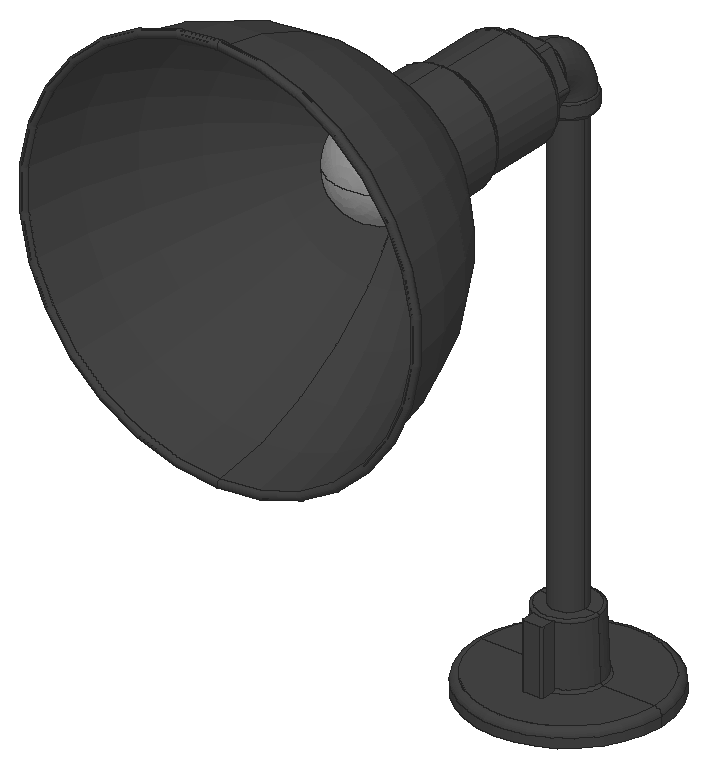
Revit family "BLE-G-DBW-G2-E26", category Lighting Fixtures, host Face, Revit 2022
Family settings
  Host = Face
  Round Connector Dimension = Use Diameter
  Part Type = Normal
  Cut with Voids When Loaded = No
  Light Source = Yes
  Maintain Annotation Orientation = No
  Shared = No
  Room Calculation Point = No
Parameters (values of type "10"")
  Wattage = 5.72229 W
  built-in parameter 1150110 = 1 (stored number, unit not read)
  built-in parameter 1114217 = 1 (stored number, unit not read)
  Tilt Angle = 0.00°
  built-in parameter 1150109 = 1 (stored number, unit not read)
  built-in parameter 1150134 = (empty or 0)
  built-in parameter 1150113 = 1 (stored number, unit not read)
  Gooseneck Material = 100 - Black
  Shade Material = 100 - Black
  Photometric Web File = "generic"
  built-in parameter 1150142 = (empty or 0)
  built-in parameter 1150105 = 67.641 (stored number, unit not read)
  Lumens = 850 lm
  built-in parameter 1150115 = 1 (stored number, unit not read)
  built-in parameter 1150137 = (empty or 0)
  built-in parameter 1150139 = (empty or 0)
  built-in parameter 1150112 = 1 (stored number, unit not read)
  built-in parameter 1150114 = 1 (stored number, unit not read)
  built-in parameter 1150132 = 2
  built-in parameter 1150102 = (empty or 0)
  built-in parameter 1150107 = 3000 (stored number, unit not read)
  built-in parameter 1150138 = (empty or 0)
  built-in parameter 1150106 = 0.67641 (stored number, unit not read)
  24" = no
  built-in parameter 1150104 = 13.8 (stored number, unit not read)
  20" = no
  Dimming Lamp Color Temperature Shift = <None>
  Default Elevation = 4' - 0"
  Color Filter = 16777215
  Base Material = 100 - Black
  built-in parameter 1114218 = 1 (stored number, unit not read)
  built-in parameter 1150133 = 10 (stored number, unit not read)
  16" = no
  14" = no
  12" = no
  10" = yes
Types (7): name | 24" | 20" | 16" | 14" | 12" | 10"
  (no name) | no | no | no | no | no | yes
  12" | no | no | no | no | yes | no
  14" | no | no | no | yes | no | no
  16" | no | no | yes | no | no | no
  10" | no | no | no | no | no | yes
  20" | no | yes | no | no | no | no
  24" | yes | no | no | no | no | no
Reference planes (in)
  plane 1 "Center (Front/Back)": y = 0
  plane 2: z = 0
  plane 3 "Center (Left/Right)": x = 0
Lines and regions (in)
  reference lines
    curve 1: line (0, 32, 0) -> (0, -36, 0)
    curve 2: line (-33.11947, 0, 0) -> (37.88053, 0, 0)
Dimensions and locks (in)
  locked: plane 1 "Center (Front/Back)" to imposter light at 5.75
  aligned and locked: plane 2 to host face
  aligned and locked: level to host face
  aligned and locked: plane 3 "Center (Left/Right)" to nested 1
  aligned and locked: plane 1 "Center (Front/Back)" to nested 1
  aligned and locked: nested 4 to imposter light
  aligned and locked: nested 7 to nested 3
  aligned and locked: imposter light to plane 3 "Center (Left/Right)"
  aligned and locked: plane 1 "Center (Front/Back)" to nested 2
  aligned and locked: imposter light to nested 7
  aligned and locked: nested 3 to nested 5
  aligned and locked: nested 2 to nested 6
  aligned and locked: nested 5 to nested 2
  aligned and locked: imposter light to nested 2
  aligned and locked: nested 6 to plane 3 "Center (Left/Right)"
  aligned and locked: imposter light to nested 3
Nested families (in)
  nested 1: "WBP-7501" at (0, 0, 0), type "WBP-7501"
  nested 2: "G3" at (0, 0, 1.975), type "GNK-5011"
  nested 3: "DBW Shade" at (0, -1.85818, 14.295) x (0, 0, -1) z (0, -1, 0), type "VDBW Shade"
    with 24" no, 20" no, 16" no, 14" no, 12" no
  nested 4: "103264" at (0, -3.60156, 14.295) x (0, 0, -1) z (0, -1, 0), type "103264"
    with Heat Sink 9" no
  nested 5: "CPL-0004" at (0, -1.208, 14.295) x (1, 0, 0) z (0, -1, 0), type "CPL-0004"
  nested 6: "E26 Socket Assy" at (0, -1.85818, 14.295) x (0, 0, -1) z (0, -1, 0), type "E26 Socket Assy"
  nested 7: "E26 Bulb" at (0, -4.11317, 14.295) x (1, 0, 0) z (0, -1, 0), type "E26 Bulb"
Connectors (in)
  electrical at (0, 0, 0)
    settings: index 1, voltage 0 V, apparent load 0 VA, apparent load phase1 0 VA, apparent load phase2 0 VA, apparent load phase3 0 VA, power factor 1, load classification "Other", number of poles 1, system type 31, power factor state 1, is connector primary yes, connector utility no, sub classification motor no, connector description ""
Definition of nested family "WBP-7501"
  Parameters (values of type "WBP-7501")
    Default Elevation = 3' - 0"
    Base Material = none
  Reference planes (in)
    plane 1 "Center (Front/Back)": y = 0
    plane 2: z = 0
    plane 3 "Center (Left/Right)": x = 0
    plane 4 "Base Dia": x = -2.325
    plane 5 "Base Height": z = 0.4
    plane 6 "Fillet Radius": z = 0.225
    plane 7: z = 0.458
    plane 8: x = -0.87
    plane 9: x = -0.81
    plane 10: x = -0.76
    plane 11: z = 1.917
    plane 12: z = 1.975
    plane 13: x = -0.7
    plane 14: x = -0.2595
    plane 15: x = 0.2595
    plane 16: y = -1.135
  Forms (in)
    Extrusion 1, solid
      sketch origin (0, 0, 0) x (1, 0, 0) y (0, 1, 0)
        loop
          line (-48, 48) -> (-48, -48) -> (48, -48) -> (48, 48) -> (-48, 48)
      from 0 to -12
    Revolve 2, solid, material <- "Base Material"
      sketch origin (0, 0, 0) x (1, 0, 0) y (0, 0, 1)
        loop
          line (0, 0) -> (0, 1.975) -> (-0.7, 1.975)
          arc (-0.7, 1.975) -> (-0.74172, 1.95814) -> (-0.76, 1.91702) r 0.06003
          line (-0.76, 1.91702) -> (-0.81, 0.458)
          arc (-0.81, 0.458) -> (-0.82699, 0.41699) -> (-0.868, 0.4) r 0.058
          line (-0.868, 0.4) -> (-2.15, 0.4)
          arc (-2.15, 0.4) -> (-2.27374, 0.34874) -> (-2.325, 0.225) r 0.175
          line (-2.325, 0.225) -> (-2.325, 0) -> (0, 0)
        axis (0, 0) -> (0, 1.975)
      angle from 0 to 360
    Extrusion 3, solid, material <- "Base Material"
      sketch origin (0, 0, 0) x (1, 0, 0) y (0, 1, 0)
        loop
          line (-0.2595, -0.76731) -> (-0.2595, -1.075)
          arc (-0.2595, -1.075) -> (-0.24193, -1.11743) -> (-0.1995, -1.135) r 0.06
          line (-0.1995, -1.135) -> (0.1995, -1.135)
          arc (0.1995, -1.135) -> (0.24193, -1.11743) -> (0.2595, -1.075) r 0.06
          line (0.2595, -1.075) -> (0.2595, -0.76731)
          arc (0.2595, -0.76731) -> (0, -0.81) -> (-0.2595, -0.76731) r 0.81
      from 0 to 1.975
  Cuts and joins
    joined: Revolve 2, Extrusion 3
  Dimensions and locks (in)
    plane 4 "Base Dia" to plane 3 "Center (Left/Right)" = 0' - 2.325"
    locked: plane 5 "Base Height" to Extrusion 1 at 0.4
    locked: plane 3 "Center (Left/Right)" to plane 4 "Base Dia" at 2.325
    locked: plane 5 "Base Height" to plane 6 "Fillet Radius" at 0.175
    locked: plane 3 "Center (Left/Right)" to plane 9 at 0.81
    locked: plane 3 "Center (Left/Right)" to plane 8 at 0.87
    locked: plane 3 "Center (Left/Right)" to plane 10 at 0.76
    locked: plane 3 "Center (Left/Right)" to plane 13 at 0.7
    locked: plane 11 to plane 5 "Base Height" at 1.517
    locked: plane 12 to plane 5 "Base Height" at 1.575
    locked: plane 7 to plane 5 "Base Height" at 0.058
    locked: plane 14 to plane 3 "Center (Left/Right)" at 0.2595
    locked: plane 3 "Center (Left/Right)" to plane 15 at 0.2595
    locked: plane 16 to plane 1 "Center (Front/Back)" at 1.135
    radius of Revolve 2 sketch curve = 0' - 0.175"
    aligned and locked: plane 2 to Extrusion 1
    aligned and locked: level to Extrusion 1
    aligned and locked: Revolve 2 sketch curve to plane 5 "Base Height"
    aligned and locked: plane 9 to Revolve 2 sketch curve
    aligned and locked: plane 3 "Center (Left/Right)" to Revolve 2 sketch curve
    aligned and locked: plane 15 to Extrusion 3 sketch curve
    aligned and locked: Extrusion 3 sketch curve to plane 16
    aligned and locked: Extrusion 3 sketch curve to plane 14
  Automatic sketch dimensions
    Extrusion 1 sketch curve to Extrusion 1 sketch curve = 8' - 0"  (x2)
    Revolve 2 sketch curve to level = 0' - 0"
    Revolve 2 sketch curve to plane 4 "Base Dia" = 0' - 0"
    Revolve 2 sketch curve to plane 7 = 0' - 0"  (x2)
    plane 10 to Revolve 2 sketch curve = 0' - 0"
    Revolve 2 sketch curve to plane 12 = 0' - 0"
    Revolve 2 sketch curve to plane 13 = 0' - 0"
    Revolve 2 sketch curve to plane 3 "Center (Left/Right)" = 0' - 0"
    Revolve 2 sketch curve to Revolve 2 sketch curve = 0' - 0.22742"
    Revolve 2 sketch curve to Revolve 2 sketch curve = 0' - 1.76377"
    plane 1 "Center (Front/Back)" to Extrusion 3 sketch curve = 0' - 0"
    Extrusion 3 sketch curve to plane 3 "Center (Left/Right)" = 0' - 0"
    plane 14 to Extrusion 3 sketch curve = 0' - 0.06"
    Extrusion 3 sketch curve to plane 15 = 0' - 0.06"
    Extrusion 3 sketch curve to Extrusion 3 sketch curve = 0' - 0.30769"
Definition of nested family "G3"
  Parameters (values of type "G3")
    Gooseneck Material = none
    Default Elevation = 2' - 0"
  Types (2): name
    G3
    G1
  Reference planes (in)
    plane 1 "Center (Front/Back)": y = 0
    plane 2: z = 0
    plane 3 "Center (Left/Right)": x = 0
    plane 4 "Wood Height": z = 0
    plane 5: z = 12.32
  Forms (in)
    Extrusion 1, solid
      sketch origin (0, 0, 0) x (1, 0, 0) y (0, 1, 0)
        loop
          line (-48, 48) -> (-48, -48) -> (48, -48) -> (48, 48) -> (-48, 48)
      from 0 to -12
  Dimensions and locks (in)
    aligned and locked: plane 2 to Extrusion 1
    aligned and locked: level to Extrusion 1
    aligned and locked: Extrusion 1 to plane 4 "Wood Height"
    aligned and locked: plane 3 "Center (Left/Right)" to nested 1
    aligned and locked: plane 1 "Center (Front/Back)" to nested 1
    aligned and locked: nested 2 to plane 3 "Center (Left/Right)"
    aligned and locked: nested 2 to plane 1 "Center (Front/Back)"
  Nested families (in)
    nested 1: "GNK-5003" at (0, 0, 0), type "GNK-5003"
    nested 2: "APF-500X" at (0, 0, 11.112) x (-1, 0, 0) z (0, 0, 1), type "APF-500X"
  Definition of nested family "GNK-5003"
    Parameters (values of type "GNK-5003")
      Gooseneck Material = none
      Default Elevation = 2' - 0"
    Reference planes (in)
      plane 1 "Center (Front/Back)": y = 0
      plane 2: z = 0
      plane 3 "Center (Left/Right)": x = 0
      plane 4 "Wood Height": z = 0
      plane 5: y = 0.42
      plane 6: z = 11.112
    Forms (in)
      Extrusion 1, solid
        sketch origin (0, 0, 0) x (1, 0, 0) y (0, 1, 0)
          loop
            line (-48, 48) -> (-48, -48) -> (48, -48) -> (48, 48) -> (-48, 48)
        from 0 to -12
      Extrusion 2, solid, material <- "Gooseneck Material"
        sketch origin (0, 0, 0) x (1, 0, 0) y (0, 1, 0)
          loop
            circle (0, 0) r 0.42
        from 0 to 11.112
    Dimensions and locks (in)
      plane 5 to plane 1 "Center (Front/Back)" = 0' - 0.42"  (x2)
      plane 6 to Extrusion 1 = 0' - 11.112"
      aligned and locked: plane 2 to Extrusion 1
      aligned and locked: level to Extrusion 1
      aligned and locked: Extrusion 1 to plane 4 "Wood Height"
      aligned and locked: plane 6 to Extrusion 2
      aligned and locked: Extrusion 2 to Extrusion 1
  Definition of nested family "APF-500X"
    Parameters (values of type "APF-500X")
      Gooseneck Material = none
      Default Elevation = 2' - 0"
    Reference planes (in)
      plane 1 "Center (Front/Back)": y = 0
      plane 2: z = 0
      plane 3 "Center (Left/Right)": x = 0
      plane 4: z = 0.375
      plane 5: y = 0.625
      plane 6: y = 0.833
      plane 7: y = 1.208
      plane 8: z = 1.208
      plane 9: z = 0.583
      plane 10: y = 0.5625
    Forms (in)
      Extrusion 1, solid
        sketch origin (0, 0, 0) x (1, 0, 0) y (0, 1, 0)
          loop
            line (-48, 48) -> (-48, -48) -> (48, -48) -> (48, 48) -> (-48, 48)
        from 0 to -12
      Revolve 2, solid, material <- "Gooseneck Material"
        sketch origin (0, 0, 0) x (0, 1, 0) y (0, 0, 1)
          loop
            line (0, 0.375) -> (0, 0) -> (0.585, 0)
            arc (0.585, 0) -> (0.61328, 0.01172) -> (0.625, 0.04) r 0.04
            line (0.625, 0.04) -> (0.625, 0.335)
            arc (0.625, 0.335) -> (0.61328, 0.36328) -> (0.585, 0.375) r 0.04
            line (0.585, 0.375) -> (0, 0.375)
          axis (0, 0.375) -> (0, 0)
        angle from 0 to 360
      Revolve 3, solid, material <- "Gooseneck Material"
        sketch origin (0, 0, 0) x (0, 1, 0) y (0, 0, 1)
          loop
            line (0.833, 1.208) -> (0.833, 0.623)
            arc (0.833, 0.623) -> (0.84472, 0.59472) -> (0.873, 0.583) r 0.04
            line (0.873, 0.583) -> (1.168, 0.583)
            arc (1.168, 0.583) -> (1.19628, 0.59472) -> (1.208, 0.623) r 0.04
            line (1.208, 0.623) -> (1.208, 1.208) -> (0.833, 1.208)
          axis (1.208, 1.208) -> (0.833, 1.208)
        angle from 0 to 360
      Sweep 4, solid, material <- "Gooseneck Material"
        path origin (0, 0, 0) x (0, 1, 0) y (0, 0, 1)
          loop
            line (0, 0) -> (0, 0.375)
            arc (0, 0.375) -> (0.24398, 0.96402) -> (0.833, 1.208) r 0.833
            line (0.833, 1.208) -> (1.208, 1.208)
        profile origin (0, 0, 0.1875) x (0, -1, 0) y (1, 0, 0)
          loop
            circle (0, 0) r 0.5625
    Cuts and joins
      joined: Revolve 2, Revolve 3, Sweep 4
    Dimensions and locks (in)
      plane 5 to plane 1 "Center (Front/Back)" = 0' - 0 5/8"
      plane 4 to Extrusion 1 = 0' - 0 3/8"
      locked: plane 7 to plane 6 at 0.375
      locked: plane 6 to plane 1 "Center (Front/Back)" at 0.833
      plane 8 to plane 4 = 0' - 0.833"
      locked: plane 8 to plane 9 at 0.625
      locked: plane 10 to plane 1 "Center (Front/Back)" at 0.5625
      radius of Revolve 3 sketch curve = 0' - 0.04"
      aligned and locked: plane 2 to Extrusion 1
      aligned and locked: level to Extrusion 1
      aligned and locked: plane 1 "Center (Front/Back)" to Revolve 2 sketch curve
      aligned and locked: plane 8 to Revolve 3 sketch curve
    Automatic sketch dimensions
      Extrusion 1 sketch curve to Extrusion 1 sketch curve = 8' - 0"  (x2)
      Revolve 2 sketch curve to plane 1 "Center (Front/Back)" = 0' - 0"
      Revolve 2 sketch curve to level = 0' - 0"
      Revolve 2 sketch curve to plane 4 = 0' - 0"
      Revolve 2 sketch curve to plane 5 = 0' - 0"
      plane 5 to Revolve 2 sketch curve = 0' - 0.04"
      Revolve 2 sketch curve to Revolve 2 sketch curve = 0' - 0.04"
      Revolve 2 sketch curve to level = 0' - 0.2686"
      plane 4 to Revolve 2 sketch curve = 0' - 0 1/4"
      Revolve 3 sketch curve to plane 5 = 0' - 0"
      Revolve 3 sketch curve to plane 6 = 0' - 0"
      Revolve 3 sketch curve to plane 9 = 0' - 0"
      Revolve 3 sketch curve to plane 7 = 0' - 0"
      Revolve 3 sketch curve to plane 8 = 0' - 0"
      plane 7 to Revolve 3 sketch curve = 0' - 0.04"
      Revolve 3 sketch curve to Revolve 3 sketch curve = 0' - 0.18003"
      Sweep 4 sketch curve to plane 6 = 0' - 0"
      Sweep 4 sketch curve to plane 7 = 0' - 0"
      Sweep 4 sketch curve to level = 0' - 0"
      Sweep 4 sketch curve to plane 4 = 0' - 0"
      Sweep 4 sketch curve to plane 8 = 0' - 0"
      Sweep 4 sketch curve to plane 3 "Center (Left/Right)" = 0' - 0"
      Sweep 4 sketch curve to profile plane = 0' - 0"
      radius of Sweep 4 sketch curve = 0' - 0 9/16"
Definition of nested family "DBW Shade"
  Parameters (values of type "DBW Shade")
    Shade Material = none
    Default Elevation = 2' - 0"
    24" = yes
    20" = yes
    10" = yes
    16" = yes
    14" = yes
    12" = yes
  Reference planes (in)
    plane 1 "Center (Front/Back)": y = 0
    plane 2: z = 0
    plane 3 "Center (Left/Right)": x = 0
  Forms (in)
    Extrusion 1, solid
      sketch origin (0, 0, 0) x (1, 0, 0) y (0, 1, 0)
        loop
          line (-48, 48) -> (-48, -48) -> (48, -48) -> (48, 48) -> (-48, 48)
      from 0 to -12
  Dimensions and locks (in)
    aligned and locked: plane 2 to Extrusion 1
    aligned and locked: level to Extrusion 1
    aligned and locked: plane 1 "Center (Front/Back)" to nested 1
    aligned and locked: plane 3 "Center (Left/Right)" to nested 1
    aligned and locked: plane 3 "Center (Left/Right)" to nested 2
    aligned and locked: plane 1 "Center (Front/Back)" to nested 2
    aligned and locked: plane 1 "Center (Front/Back)" to nested 3
    aligned and locked: plane 3 "Center (Left/Right)" to nested 3
    aligned and locked: plane 1 "Center (Front/Back)" to nested 4
    aligned and locked: plane 1 "Center (Front/Back)" to nested 5
    aligned and locked: plane 3 "Center (Left/Right)" to nested 5
    aligned and locked: plane 3 "Center (Left/Right)" to nested 6
    aligned and locked: plane 1 "Center (Front/Back)" to nested 6
    aligned and locked: plane 3 "Center (Left/Right)" to nested 4
  Nested families (in)
    nested 1: "SHD-0028" at (0, 0, 0), visible <- "10"", type "SHD-0028"
    nested 2: "SHD-0029" at (0, 0, 0), visible <- "12"", type "SHD-0029"
    nested 3: "SHD-0114" at (0, 0, 0), visible <- "14"", type "SHD-0114"
    nested 4: "SHD-0115" at (0, 0, 0), visible <- "16"", type "SHD-0115"
    nested 5: "SHD-0308" at (0, 0, 0), visible <- "24"", type "SHD-0308"
    nested 6: "SHD-0223" at (0, 0, 0), visible <- "20"", type "SHD-0223"
  Definition of nested family "SHD-0028"
    Parameters (values of type "SHD-0028")
      Shade Material = none
      Default Elevation = 2' - 0"
    Reference planes (in)
      plane 1 "Center (Front/Back)": y = 0
      plane 2: z = 0
      plane 3 "Center (Left/Right)": x = 0
      plane 4 "Wood Height": z = 0
      plane 5 "Nut Radius": x = -1.03713
      plane 6 "Nut Flat": x = -0.861
      plane 7 "Shade Thickness": z = 0.04
      plane 8 "Lower Shade bottom": z = 9.109
      plane 9 "Lower Shade Outer Dia": x = -5
      plane 10 "Shade Top Dia": x = -1.20713
      plane 11 "Shade Middle Radius Height1": z = 1.965
      plane 12 "Shade Lower Diameter1": x = -1.44113
      plane 13 "Shade Top Radius": x = -1.29713
      plane 14 "Shade Middle Radious Height2": z = 2.105
      plane 15 "Shade Middle Radius Diameter2": x = -1.41363
      plane 16 "Lip Height": z = 9.029
      plane 17 "Bowl Start": z = 3.545
      plane 18: x = -4.85
      plane 19: z = 9.069
    Forms (in)
      Extrusion 1, solid
        sketch origin (0, 0, 0) x (1, 0, 0) y (0, 1, 0)
          loop
            line (-48, 48) -> (-48, -48) -> (48, -48) -> (48, 48) -> (-48, 48)
        from 0 to -12
      Revolve 2, solid, material <- "Shade Material"
        sketch origin (0, 0, 0) x (1, 0, 0) y (0, 0, 1)
          loop
            line (0, 0) -> (0, 0.03906) -> (-1.20713, 0.03906)
            arc (-1.20713, 0.03906) -> (-1.24314, 0.05398) -> (-1.25806, 0.09) r 0.05094
            line (-1.25806, 0.09) -> (-1.25806, 1.94384)
            arc (-1.25806, 1.94384) -> (-1.26409, 1.97759) -> (-1.28141, 2.00717) r 0.09757
            line (-1.28141, 2.00717) -> (-1.37456, 2.11635) -> (-1.37456, 3.48096)
            arc (-1.37456, 3.48096) -> (-1.39014, 3.54099) -> (-1.43295, 3.58588) r 0.12347
            arc (-1.43295, 3.58588) -> (-3.7536, 5.90437) -> (-4.80544, 9.01154) r 7.20294
            arc (-4.80544, 9.01154) -> (-4.99326, 9.04214) -> (-4.84504, 8.9228) r 0.09841
            line (-4.84504, 8.9228) -> (-4.86619, 8.95581)
            arc (-4.86619, 8.95581) -> (-4.95809, 9.02506) -> (-4.84432, 9.00777) r 0.05934
            arc (-4.84432, 9.00777) -> (-3.78678, 5.88375) -> (-1.45354, 3.55268) r 7.242
            arc (-1.45354, 3.55268) -> (-1.42428, 3.522) -> (-1.41363, 3.48096) r 0.0844
            line (-1.41363, 3.48096) -> (-1.41363, 2.13147)
            arc (-1.41363, 2.13147) -> (-1.40868, 2.10377) -> (-1.39446, 2.07949) r 0.08009
            line (-1.39446, 2.07949) -> (-1.31112, 1.98181)
            arc (-1.31112, 1.98181) -> (-1.30074, 1.96408) -> (-1.29713, 1.94384) r 0.0585
            line (-1.29713, 1.94384) -> (-1.29713, 0.09)
            arc (-1.29713, 0.09) -> (-1.27077, 0.02636) -> (-1.20713, 0) r 0.09
            line (-1.20713, 0) -> (0, 0)
          axis (0, 9.01154) -> (0, 0)
        angle from 0 to 360
    Dimensions and locks (in)
      locked: plane 6 "Nut Flat" to plane 3 "Center (Left/Right)" at 0.861
      locked: plane 7 "Shade Thickness" to plane 4 "Wood Height" at 0.04
      locked: plane 3 "Center (Left/Right)" to plane 9 "Lower Shade Outer Dia" at 5
      locked: plane 11 "Shade Middle Radius Height1" to plane 4 "Wood Height" at 1.965
      locked: plane 14 "Shade Middle Radious Height2" to plane 4 "Wood Height" at 2.105
      locked: plane 8 "Lower Shade bottom" to plane 16 "Lip Height" at 0.08
      locked: plane 17 "Bowl Start" to plane 4 "Wood Height" at 3.545
      locked: plane 18 to plane 9 "Lower Shade Outer Dia" at 0.15
      locked: plane 8 "Lower Shade bottom" to plane 19 at 0.04
      locked: plane 8 "Lower Shade bottom" to plane 4 "Wood Height" at 9.109
      aligned and locked: plane 2 to Extrusion 1
      aligned and locked: level to Extrusion 1
      aligned and locked: plane 4 "Wood Height" to Revolve 2 sketch curve
      aligned and locked: plane 10 "Shade Top Dia" to Revolve 2 sketch curve
      aligned and locked: Revolve 2 sketch curve to plane 15 "Shade Middle Radius Diameter2"
      aligned and locked: Revolve 2 sketch curve to plane 13 "Shade Top Radius"
      aligned and locked: Extrusion 1 to plane 4 "Wood Height"
    Automatic sketch dimensions
      Extrusion 1 sketch curve to Extrusion 1 sketch curve = 8' - 0"  (x2)
      Revolve 2 sketch curve to Revolve 2 sketch curve = 0' - 0"  (x12)
      Revolve 2 sketch curve to plane 3 "Center (Left/Right)" = 0' - 0"  (x2)
      plane 18 to Revolve 2 sketch curve = 0' - 0.00496"
      Revolve 2 sketch curve to plane 18 = 0' - 0.01619"
      plane 15 "Shade Middle Radius Diameter2" to Revolve 2 sketch curve = 0' - 0.01916"
      plane 14 "Shade Middle Radious Height2" to Revolve 2 sketch curve = 0' - 0.01135"
      plane 15 "Shade Middle Radius Diameter2" to Revolve 2 sketch curve = 0' - 0 5/128"
      Revolve 2 sketch curve to plane 11 "Shade Middle Radius Height1" = 0' - 0.02116"
      plane 15 "Shade Middle Radius Diameter2" to Revolve 2 sketch curve = 0' - 0.058"
      plane 14 "Shade Middle Radious Height2" to Revolve 2 sketch curve = 0' - 0.02647"
      Revolve 2 sketch curve to plane 13 "Shade Top Radius" = 0' - 0.01572"
      Revolve 2 sketch curve to Revolve 2 sketch curve = 0' - 0 5/128"
      Revolve 2 sketch curve to plane 17 "Bowl Start" = 0' - 0.06404"
      plane 18 to Revolve 2 sketch curve = 0' - 0.00568"
      plane 17 "Bowl Start" to Revolve 2 sketch curve = 0' - 0.15101"
      Revolve 2 sketch curve to Revolve 2 sketch curve = 0' - 2.15863"
      Revolve 2 sketch curve to plane 12 "Shade Lower Diameter1" = 0' - 0.00818"
      Revolve 2 sketch curve to Revolve 2 sketch curve = 0' - 0.03888"  (x2)
      Revolve 2 sketch curve to Revolve 2 sketch curve = 0' - 0.03301"
      Revolve 2 sketch curve to Revolve 2 sketch curve = 0' - 0.02059"
      Revolve 2 sketch curve to Revolve 2 sketch curve = 0' - 0.03319"
  Definition of nested family "SHD-0029"
    Parameters (values of type "SHD-0029")
      Shade Material = none
      Default Elevation = 2' - 0"
    Reference planes (in)
      plane 1 "Center (Front/Back)": y = 0
      plane 2: z = 0
      plane 3 "Center (Left/Right)": x = 0
      plane 4 "Wood Height": z = 0
      plane 5 "Nut Radius": x = -1.03713
      plane 6 "Nut Flat": x = -0.861
      plane 7 "Shade Thickness": z = 0.04
      plane 8 "Shade Top Dia": x = -1.20713
      plane 9 "Shade Middle Radius Height1": z = 1.965
      plane 10 "Shade Lower Diameter1": x = -1.44113
      plane 11 "Shade Top Radius": x = -1.29713
      plane 12 "Shade Middle Radious Height2": z = 2.105
      plane 13 "Shade Middle Radius Diameter2": x = -1.41363
      plane 14 "Bowl Start": z = 3.545
    Forms (in)
      Extrusion 1, solid
        sketch origin (0, 0, 0) x (1, 0, 0) y (0, 1, 0)
          loop
            line (-48, 48) -> (-48, -48) -> (48, -48) -> (48, 48) -> (-48, 48)
        from 0 to -12
      Revolve 2, solid, material <- "Shade Material"
        sketch origin (0, 0, 0) x (1, 0, 0) y (0, 0, 1)
          loop
            line (0, 0) -> (0, 0.03906) -> (-1.20713, 0.03906)
            arc (-1.20713, 0.03906) -> (-1.24314, 0.05398) -> (-1.25806, 0.09) r 0.05094
            line (-1.25806, 0.09) -> (-1.25806, 1.94384)
            arc (-1.25806, 1.94384) -> (-1.26409, 1.97759) -> (-1.28141, 2.00717) r 0.09757
            line (-1.28141, 2.00717) -> (-1.37456, 2.11635) -> (-1.37456, 3.49488)
            arc (-1.37456, 3.49488) -> (-1.3856, 3.54027) -> (-1.41623, 3.57553) r 0.09889
            arc (-1.41623, 3.57553) -> (-4.2546, 6.22323) -> (-5.80711, 9.7808) r 9.56481
            arc (-5.80711, 9.7808) -> (-5.99536, 9.79563) -> (-5.84506, 9.68132) r 0.09841
            line (-5.84506, 9.68132) -> (-5.86621, 9.71432)
            arc (-5.86621, 9.71432) -> (-5.9593, 9.78052) -> (-5.84534, 9.77276) r 0.05934
            arc (-5.84534, 9.77276) -> (-4.28694, 6.2013) -> (-1.43786, 3.54296) r 9.60387
            arc (-1.43786, 3.54296) -> (-1.42003, 3.5218) -> (-1.41363, 3.49488) r 0.05982
            line (-1.41363, 3.49488) -> (-1.41363, 2.13147)
            arc (-1.41363, 2.13147) -> (-1.40868, 2.10377) -> (-1.39446, 2.07949) r 0.08009
            line (-1.39446, 2.07949) -> (-1.31112, 1.98181)
            arc (-1.31112, 1.98181) -> (-1.30074, 1.96408) -> (-1.29713, 1.94384) r 0.0585
            line (-1.29713, 1.94384) -> (-1.29713, 0.09)
            arc (-1.29713, 0.09) -> (-1.27077, 0.02636) -> (-1.20713, 0) r 0.09
            line (-1.20713, 0) -> (0, 0)
          axis (0, 9.7808) -> (0, 0)
        angle from 0 to 360
    Dimensions and locks (in)
      locked: plane 6 "Nut Flat" to plane 3 "Center (Left/Right)" at 0.861
      locked: plane 7 "Shade Thickness" to plane 4 "Wood Height" at 0.04
      locked: plane 9 "Shade Middle Radius Height1" to plane 4 "Wood Height" at 1.965
      locked: plane 12 "Shade Middle Radious Height2" to plane 4 "Wood Height" at 2.105
      locked: plane 14 "Bowl Start" to plane 4 "Wood Height" at 3.545
      aligned and locked: plane 2 to Extrusion 1
      aligned and locked: level to Extrusion 1
      aligned and locked: plane 4 "Wood Height" to Revolve 2 sketch curve
      aligned and locked: plane 8 "Shade Top Dia" to Revolve 2 sketch curve
      aligned and locked: Revolve 2 sketch curve to plane 13 "Shade Middle Radius Diameter2"
      aligned and locked: Revolve 2 sketch curve to plane 11 "Shade Top Radius"
      aligned and locked: Extrusion 1 to plane 4 "Wood Height"
    Automatic sketch dimensions
      Extrusion 1 sketch curve to Extrusion 1 sketch curve = 8' - 0"  (x2)
      Revolve 2 sketch curve to Revolve 2 sketch curve = 0' - 0"  (x15)
      Revolve 2 sketch curve to plane 3 "Center (Left/Right)" = 0' - 0"  (x2)
      plane 10 "Shade Lower Diameter1" to Revolve 2 sketch curve = 0' - 0.03232"
      Revolve 2 sketch curve to Revolve 2 sketch curve = 0' - 0.02115"
      Revolve 2 sketch curve to Revolve 2 sketch curve = 0' - 0.0372"
      plane 13 "Shade Middle Radius Diameter2" to Revolve 2 sketch curve = 0' - 0.01916"
      plane 12 "Shade Middle Radious Height2" to Revolve 2 sketch curve = 0' - 0.01135"
      plane 13 "Shade Middle Radius Diameter2" to Revolve 2 sketch curve = 0' - 0 5/128"
      Revolve 2 sketch curve to plane 9 "Shade Middle Radius Height1" = 0' - 0.02116"
      plane 13 "Shade Middle Radius Diameter2" to Revolve 2 sketch curve = 0' - 0.058"
      plane 12 "Shade Middle Radious Height2" to Revolve 2 sketch curve = 0' - 0.02647"
      Revolve 2 sketch curve to plane 11 "Shade Top Radius" = 0' - 0.01572"
      Revolve 2 sketch curve to Revolve 2 sketch curve = 0' - 0 5/128"
      Revolve 2 sketch curve to plane 14 "Bowl Start" = 0' - 0.05012"
      Revolve 2 sketch curve to Revolve 2 sketch curve = 0' - 0.03301"
      Revolve 2 sketch curve to Revolve 2 sketch curve = 0' - 0.04623"
      Revolve 2 sketch curve to plane 13 "Shade Middle Radius Diameter2" = 0' - 0.00261"
      Revolve 2 sketch curve to plane 14 "Bowl Start" = 0' - 0.00204"
      plane 14 "Bowl Start" to Revolve 2 sketch curve = 0' - 0.15101"
      Revolve 2 sketch curve to Revolve 2 sketch curve = 0' - 2.15863"
      plane 10 "Shade Lower Diameter1" to Revolve 2 sketch curve = 0' - 4.40394"
      plane 3 "Center (Left/Right)" to Revolve 2 sketch curve = 0' - 3.5532"
      plane 14 "Bowl Start" to Revolve 2 sketch curve = 0' - 6.13632"
  Definition of nested family "SHD-0114"
    Parameters (values of type "SHD-0114")
      Shade Material = none
      Default Elevation = 2' - 0"
    Reference planes (in)
      plane 1 "Center (Front/Back)": y = 0
      plane 2: z = 0
      plane 3 "Center (Left/Right)": x = 0
      plane 4 "Wood Height": z = 0
    Forms (in)
      Extrusion 1, solid
        sketch origin (0, 0, 0) x (1, 0, 0) y (0, 1, 0)
          loop
            line (-48, 48) -> (-48, -48) -> (48, -48) -> (48, 48) -> (-48, 48)
        from 0 to -12
      Revolve 2, solid, material <- "Shade Material"
        sketch origin (0, 0, 0) x (1, 0, 0) y (0, 0, 1)
          loop
            line (0, 0) -> (0, 0.03906) -> (-1.45545, 0.03906)
            arc (-1.45545, 0.03906) -> (-1.49164, 0.05405) -> (-1.50663, 0.09025) r 0.05119
            line (-1.50663, 0.09025) -> (-1.50663, 2.07228)
            arc (-1.50663, 2.07228) -> (-1.51325, 2.1034) -> (-1.53194, 2.12913) r 0.0765
            line (-1.53194, 2.12913) -> (-1.59895, 2.18946)
            arc (-1.59895, 2.18946) -> (-1.61737, 2.21483) -> (-1.62389, 2.24549) r 0.07539
            line (-1.62389, 2.24549) -> (-1.62389, 3.76049)
            arc (-1.62389, 3.76049) -> (-1.63985, 3.81863) -> (-1.68326, 3.86047) r 0.11386
            arc (-1.68326, 3.86047) -> (-5.12462, 6.95788) -> (-6.79993, 11.27416) r 9.99002
            arc (-6.79993, 11.27416) -> (-6.99505, 11.29998) -> (-6.84047, 11.17815) r 0.10205
            line (-6.84047, 11.17815) -> (-6.86365, 11.20959)
            arc (-6.86365, 11.20959) -> (-6.95906, 11.28479) -> (-6.83863, 11.26885) r 0.06299
            arc (-6.83863, 11.26885) -> (-5.15677, 6.93569) -> (-1.70196, 3.82617) r 10.02909
            arc (-1.70196, 3.82617) -> (-1.67344, 3.79868) -> (-1.66295, 3.76049) r 0.07479
            line (-1.66295, 3.76049) -> (-1.66295, 2.24549)
            arc (-1.66295, 2.24549) -> (-1.65306, 2.19894) -> (-1.62508, 2.16043) r 0.11445
            line (-1.62508, 2.16043) -> (-1.55808, 2.1001)
            arc (-1.55808, 2.1001) -> (-1.54893, 2.08751) -> (-1.54569, 2.07228) r 0.03743
            line (-1.54569, 2.07228) -> (-1.54569, 0.09025)
            arc (-1.54569, 0.09025) -> (-1.51926, 0.02643) -> (-1.45545, 0) r 0.09025
            line (-1.45545, 0) -> (0, 0)
          axis (0, 11.27416) -> (0, 0)
        angle from 0 to 360
    Dimensions and locks (in)
      aligned and locked: plane 2 to Extrusion 1
      aligned and locked: level to Extrusion 1
      aligned and locked: Extrusion 1 to plane 4 "Wood Height"
    Automatic sketch dimensions
      Extrusion 1 sketch curve to Extrusion 1 sketch curve = 8' - 0"  (x2)
      Revolve 2 sketch curve to Revolve 2 sketch curve = 0' - 0"  (x25)
      Revolve 2 sketch curve to level = 0' - 0"
      Revolve 2 sketch curve to plane 3 "Center (Left/Right)" = 0' - 0"  (x2)
      Revolve 2 sketch curve to Revolve 2 sketch curve = 0' - 0.01239"
      Revolve 2 sketch curve to Revolve 2 sketch curve = 0' - 0.07479"
      Revolve 2 sketch curve to Revolve 2 sketch curve = 0' - 0.02318"
      Revolve 2 sketch curve to Revolve 2 sketch curve = 0' - 0.03738"
      Revolve 2 sketch curve to Revolve 2 sketch curve = 0' - 0.03144"
      Revolve 2 sketch curve to Revolve 2 sketch curve = 0' - 0.0507"
      Revolve 2 sketch curve to Revolve 2 sketch curve = 0' - 0.01869"  (x2)
      Revolve 2 sketch curve to Revolve 2 sketch curve = 0' - 2.15863"
      plane 3 "Center (Left/Right)" to Revolve 2 sketch curve = 0' - 3.09734"
      Revolve 2 sketch curve to Revolve 2 sketch curve = 0' - 0.02614"
      Revolve 2 sketch curve to Revolve 2 sketch curve = 0' - 0 5/128"  (x2)
      Revolve 2 sketch curve to Revolve 2 sketch curve = 0' - 1.45545"
      Revolve 2 sketch curve to Revolve 2 sketch curve = 0' - 0.05119"
      Revolve 2 sketch curve to Revolve 2 sketch curve = 0' - 0.02531"
      Revolve 2 sketch curve to Revolve 2 sketch curve = 0' - 0.01656"
      Revolve 2 sketch curve to Revolve 2 sketch curve = 0' - 0.02505"
      Revolve 2 sketch curve to Revolve 2 sketch curve = 0' - 0.05045"
      Revolve 2 sketch curve to plane 3 "Center (Left/Right)" = 0' - 6.84047"
      Revolve 2 sketch curve to Revolve 2 sketch curve = 0' - 1.98204"
      Revolve 2 sketch curve to Revolve 2 sketch curve = 0' - 1.515"
      Revolve 2 sketch curve to Revolve 2 sketch curve = 0' - 7.41765"
      Revolve 2 sketch curve to Revolve 2 sketch curve = 0' - 0.06448"
  Definition of nested family "SHD-0115"
    Parameters (values of type "SHD-0115")
      Shade Material = none
      Default Elevation = 2' - 0"
    Reference planes (in)
      plane 1 "Center (Front/Back)": y = 0
      plane 2: z = 0
      plane 3 "Center (Left/Right)": x = 0
      plane 4 "Wood Height": z = 0
    Forms (in)
      Extrusion 1, solid
        sketch origin (0, 0, 0) x (1, 0, 0) y (0, 1, 0)
          loop
            line (-48, 48) -> (-48, -48) -> (48, -48) -> (48, 48) -> (-48, 48)
        from 0 to -12
      Revolve 2, solid, material <- "Shade Material"
        sketch origin (0, 0, 0) x (1, 0, 0) y (0, 0, 1)
          loop
            line (0, 0) -> (0, 0.03906) -> (-1.45545, 0.03906)
            arc (-1.45545, 0.03906) -> (-1.49164, 0.05405) -> (-1.50663, 0.09025) r 0.05119
            line (-1.50663, 0.09025) -> (-1.50663, 2.07228)
            arc (-1.50663, 2.07228) -> (-1.51325, 2.1034) -> (-1.53194, 2.12913) r 0.0765
            line (-1.53194, 2.12913) -> (-1.59895, 2.18946)
            arc (-1.59895, 2.18946) -> (-1.61737, 2.21483) -> (-1.62389, 2.24549) r 0.07539
            line (-1.62389, 2.24549) -> (-1.62389, 3.76049)
            arc (-1.62389, 3.76049) -> (-1.64115, 3.82076) -> (-1.6877, 3.86276) r 0.11386
            arc (-1.6877, 3.86276) -> (-5.9143, 7.51176) -> (-7.79992, 12.76759) r 10.98102
            arc (-7.79992, 12.76759) -> (-7.99459, 12.80067) -> (-7.84102, 12.67655) r 0.10205
            line (-7.84102, 12.67655) -> (-7.8642, 12.70799)
            arc (-7.8642, 12.70799) -> (-7.95899, 12.7846) -> (-7.83883, 12.76418) r 0.06299
            arc (-7.83883, 12.76418) -> (-5.94651, 7.48965) -> (-1.70487, 3.82767) r 11.02008
            arc (-1.70487, 3.82767) -> (-1.67429, 3.80009) -> (-1.66295, 3.76049) r 0.07479
            line (-1.66295, 3.76049) -> (-1.66295, 2.24549)
            arc (-1.66295, 2.24549) -> (-1.65306, 2.19894) -> (-1.62508, 2.16043) r 0.11445
            line (-1.62508, 2.16043) -> (-1.55808, 2.1001)
            arc (-1.55808, 2.1001) -> (-1.54893, 2.08751) -> (-1.54569, 2.07228) r 0.03743
            line (-1.54569, 2.07228) -> (-1.54569, 0.09025)
            arc (-1.54569, 0.09025) -> (-1.51926, 0.02643) -> (-1.45545, 0) r 0.09025
            line (-1.45545, 0) -> (0, 0)
          axis (0, 12.76759) -> (0, 0)
        angle from 0 to 360
    Dimensions and locks (in)
      aligned and locked: plane 2 to Extrusion 1
      aligned and locked: level to Extrusion 1
      aligned and locked: Extrusion 1 to plane 4 "Wood Height"
    Automatic sketch dimensions
      Extrusion 1 sketch curve to Extrusion 1 sketch curve = 8' - 0"  (x2)
      Revolve 2 sketch curve to Revolve 2 sketch curve = 0' - 0"  (x16)
      Revolve 2 sketch curve to level = 0' - 0"
      Revolve 2 sketch curve to plane 3 "Center (Left/Right)" = 0' - 0"  (x2)
      Revolve 2 sketch curve to Revolve 2 sketch curve = 0' - 1.45545"
      Revolve 2 sketch curve to plane 3 "Center (Left/Right)" = 0' - 1.50663"
      Revolve 2 sketch curve to Revolve 2 sketch curve = 0' - 0.02531"
      Revolve 2 sketch curve to Revolve 2 sketch curve = 0' - 0 5/128"
      Revolve 2 sketch curve to Revolve 2 sketch curve = 0' - 0.01656"
      Revolve 2 sketch curve to Revolve 2 sketch curve = 0' - 0.01239"
      Revolve 2 sketch curve to Revolve 2 sketch curve = 0' - 0.02505"
      Revolve 2 sketch curve to Revolve 2 sketch curve = 0' - 0.05045"
      Revolve 2 sketch curve to Revolve 2 sketch curve = 0' - 0.02494"
      Revolve 2 sketch curve to Revolve 2 sketch curve = 0' - 0.02614"
      Revolve 2 sketch curve to Revolve 2 sketch curve = 0' - 0.07479"
      Revolve 2 sketch curve to Revolve 2 sketch curve = 0' - 0.02318"
      Revolve 2 sketch curve to Revolve 2 sketch curve = 0' - 0.03738"
      plane 3 "Center (Left/Right)" to Revolve 2 sketch curve = 0' - 3.13919"
      Revolve 2 sketch curve to Revolve 2 sketch curve = 0' - 1.98204"
      Revolve 2 sketch curve to Revolve 2 sketch curve = 0' - 1.515"
      Revolve 2 sketch curve to Revolve 2 sketch curve = 0' - 0.03144"
      Revolve 2 sketch curve to Revolve 2 sketch curve = 0' - 0.0507"
      Revolve 2 sketch curve to Revolve 2 sketch curve = 0' - 1.04947"
      Revolve 2 sketch curve to Revolve 2 sketch curve = 0' - 0.03891"
      Revolve 2 sketch curve to Revolve 2 sketch curve = 0' - 0.06448"
      Revolve 2 sketch curve to Revolve 2 sketch curve = 0' - 2.15863"
  Definition of nested family "SHD-0308"
    Parameters (values of type "SHD-0308")
      Shade Material = none
      Default Elevation = 2' - 0"
    Reference planes (in)
      plane 1 "Center (Front/Back)": y = 0
      plane 2: z = 0
      plane 3 "Center (Left/Right)": x = 0
      plane 4 "Wood Height": z = 0
    Forms (in)
      Extrusion 1, solid
        sketch origin (0, 0, 0) x (1, 0, 0) y (0, 1, 0)
          loop
            line (-48, 48) -> (-48, -48) -> (48, -48) -> (48, 48) -> (-48, 48)
        from 0 to -12
      Revolve 2, solid, material <- "Shade Material"
        sketch origin (0, 0, 0) x (1, 0, 0) y (0, 0, 1)
          loop
            line (0, 0) -> (0, 0.03906) -> (-2.22237, 0.03906)
            arc (-2.22237, 0.03906) -> (-2.2742, 0.06053) -> (-2.29567, 0.11236) r 0.0733
            line (-2.29567, 0.11236) -> (-2.29567, 3.09806)
            arc (-2.29567, 3.09806) -> (-2.30835, 3.16758) -> (-2.34475, 3.22814) r 0.19691
            line (-2.34475, 3.22814) -> (-2.42725, 3.32189)
            arc (-2.42725, 3.32189) -> (-2.46224, 3.38009) -> (-2.47442, 3.4469) r 0.18923
            line (-2.47442, 3.4469) -> (-2.47442, 5.72055)
            arc (-2.47442, 5.72055) -> (-2.4994, 5.80773) -> (-2.56677, 5.86845) r 0.16462
            arc (-2.56677, 5.86845) -> (-9.0535, 11.47959) -> (-11.91654, 19.56448) r 16.76616
            arc (-11.91654, 19.56448) -> (-11.93143, 19.59499) -> (-11.96306, 19.60734) r 0.04667
            line (-11.96306, 19.60734) -> (-12.00319, 19.60734)
            arc (-12.00319, 19.60734) -> (-12.07667, 19.53386) -> (-12.00319, 19.46037) r 0.07348
            line (-12.00319, 19.46037) -> (-11.96309, 19.46037) -> (-11.96309, 19.49944) -> (-12.00319, 19.49944)
            arc (-12.00319, 19.49944) -> (-12.03761, 19.53386) -> (-12.00319, 19.56828) r 0.03442
            line (-12.00319, 19.56828) -> (-11.95604, 19.56828)
            arc (-11.95604, 19.56828) -> (-9.08774, 11.46046) -> (-2.58392, 5.83336) r 16.80523
            arc (-2.58392, 5.83336) -> (-2.53254, 5.78704) -> (-2.51348, 5.72055) r 0.12556
            line (-2.51348, 5.72055) -> (-2.51348, 3.4469)
            arc (-2.51348, 3.4469) -> (-2.49878, 3.3663) -> (-2.45658, 3.29609) r 0.22829
            line (-2.45658, 3.29609) -> (-2.37408, 3.20234)
            arc (-2.37408, 3.20234) -> (-2.34489, 3.15379) -> (-2.33473, 3.09806) r 0.15785
            line (-2.33473, 3.09806) -> (-2.33473, 0.11236)
            arc (-2.33473, 0.11236) -> (-2.30182, 0.03291) -> (-2.22237, 0) r 0.11236
            line (-2.22237, 0) -> (0, 0)
          axis (0, 19.60734) -> (0, 0)
        angle from 0 to 360
    Dimensions and locks (in)
      aligned and locked: plane 2 to Extrusion 1
      aligned and locked: level to Extrusion 1
      aligned and locked: Extrusion 1 to plane 4 "Wood Height"
    Automatic sketch dimensions
      Extrusion 1 sketch curve to Extrusion 1 sketch curve = 8' - 0"  (x2)
      Revolve 2 sketch curve to Revolve 2 sketch curve = 0' - 0"  (x24)
      Revolve 2 sketch curve to level = 0' - 0"
      Revolve 2 sketch curve to plane 3 "Center (Left/Right)" = 0' - 0"  (x2)
      Revolve 2 sketch curve to Revolve 2 sketch curve = 0' - 0.01047"
      Revolve 2 sketch curve to Revolve 2 sketch curve = 0' - 0.01002"
      Revolve 2 sketch curve to Revolve 2 sketch curve = 0' - 0.02933"  (x2)
      Revolve 2 sketch curve to Revolve 2 sketch curve = 0' - 0.04717"
      Revolve 2 sketch curve to Revolve 2 sketch curve = 0' - 0.12556"
      Revolve 2 sketch curve to Revolve 2 sketch curve = 0' - 0.00701"
      Revolve 2 sketch curve to Revolve 2 sketch curve = 0' - 0.00004"
      Revolve 2 sketch curve to Revolve 2 sketch curve = 0' - 0.04013"
      plane 3 "Center (Left/Right)" to Revolve 2 sketch curve = 0' - 4.79372"
      Revolve 2 sketch curve to Revolve 2 sketch curve = 0' - 0 5/128"  (x2)
      Revolve 2 sketch curve to Revolve 2 sketch curve = 0' - 2.9857"
      Revolve 2 sketch curve to Revolve 2 sketch curve = 0' - 2.27365"
      Revolve 2 sketch curve to Revolve 2 sketch curve = 0' - 0.03442"
      Revolve 2 sketch curve to Revolve 2 sketch curve = 0' - 0.00761"
      Revolve 2 sketch curve to Revolve 2 sketch curve = 0' - 0.24911"
      Revolve 2 sketch curve to Revolve 2 sketch curve = 0' - 2.15863"
      Revolve 2 sketch curve to Revolve 2 sketch curve = 0' - 2.22237"
      Revolve 2 sketch curve to plane 3 "Center (Left/Right)" = 0' - 2.28519"
      Revolve 2 sketch curve to plane 3 "Center (Left/Right)" = 0' - 11.95604"
      Revolve 2 sketch curve to Revolve 2 sketch curve = 1' - 1.73983"
      Revolve 2 sketch curve to Revolve 2 sketch curve = 1' - 3.07792"
  Definition of nested family "SHD-0223"
    Parameters (values of type "SHD-0223")
      Shade Material = none
      Default Elevation = 2' - 0"
    Reference planes (in)
      plane 1 "Center (Front/Back)": y = 0
      plane 2: z = 0
      plane 3 "Center (Left/Right)": x = 0
      plane 4 "Wood Height": z = 0
    Forms (in)
      Extrusion 1, solid
        sketch origin (0, 0, 0) x (1, 0, 0) y (0, 1, 0)
          loop
            line (-48, 48) -> (-48, -48) -> (48, -48) -> (48, 48) -> (-48, 48)
        from 0 to -12
      Revolve 2, solid, material <- "Shade Material"
        sketch origin (0, 0, 0) x (1, 0, 0) y (0, 0, 1)
          loop
            line (0, 0) -> (0, 0.03906) -> (-1.8485, 0.03906)
            arc (-1.8485, 0.03906) -> (-1.88896, 0.05582) -> (-1.90572, 0.09628) r 0.05722
            line (-1.90572, 0.09628) -> (-1.90572, 2.57881)
            arc (-1.90572, 2.57881) -> (-1.9168, 2.64011) -> (-1.94865, 2.69364) r 0.17504
            line (-1.94865, 2.69364) -> (-2.01787, 2.77327)
            arc (-2.01787, 2.77327) -> (-2.04498, 2.81883) -> (-2.05441, 2.871) r 0.14898
            line (-2.05441, 2.871) -> (-2.05441, 4.7663)
            arc (-2.05441, 4.7663) -> (-2.07634, 4.84285) -> (-2.13548, 4.89618) r 0.14458
            arc (-2.13548, 4.89618) -> (-7.53748, 9.56968) -> (-9.92412, 16.30223) r 13.97395
            arc (-9.92412, 16.30223) -> (-9.93712, 16.32887) -> (-9.96474, 16.33964) r 0.04076
            line (-9.96474, 16.33964) -> (-10.00281, 16.33964)
            arc (-10.00281, 16.33964) -> (-10.06432, 16.27814) -> (-10.00281, 16.21663) r 0.06151
            line (-10.00281, 16.21663) -> (-9.96563, 16.21663) -> (-9.96563, 16.25569) -> (-10.00281, 16.25569)
            arc (-10.00281, 16.25569) -> (-10.02526, 16.27814) -> (-10.00281, 16.30058) r 0.02244
            line (-10.00281, 16.30058) -> (-9.96317, 16.30058)
            arc (-9.96317, 16.30058) -> (-7.57018, 9.5483) -> (-2.15264, 4.86109) r 14.01301
            arc (-2.15264, 4.86109) -> (-2.10948, 4.82217) -> (-2.09348, 4.7663) r 0.10551
            line (-2.09348, 4.7663) -> (-2.09348, 2.871)
            arc (-2.09348, 2.871) -> (-2.08157, 2.80515) -> (-2.04735, 2.74764) r 0.18804
            line (-2.04735, 2.74764) -> (-1.97814, 2.66801)
            arc (-1.97814, 2.66801) -> (-1.95339, 2.62643) -> (-1.94478, 2.57881) r 0.13598
            line (-1.94478, 2.57881) -> (-1.94478, 0.09628)
            arc (-1.94478, 0.09628) -> (-1.91658, 0.0282) -> (-1.8485, 0) r 0.09628
            line (-1.8485, 0) -> (0, 0)
          axis (0, 16.33964) -> (0, 0)
        angle from 0 to 360
    Dimensions and locks (in)
      aligned and locked: plane 2 to Extrusion 1
      aligned and locked: level to Extrusion 1
      aligned and locked: Extrusion 1 to plane 4 "Wood Height"
    Automatic sketch dimensions
      Extrusion 1 sketch curve to Extrusion 1 sketch curve = 8' - 0"  (x2)
      Revolve 2 sketch curve to Revolve 2 sketch curve = 0' - 0"  (x24)
      Revolve 2 sketch curve to level = 0' - 0"
      Revolve 2 sketch curve to plane 3 "Center (Left/Right)" = 0' - 0"  (x2)
      Revolve 2 sketch curve to Revolve 2 sketch curve = 0' - 0.05722"
      Revolve 2 sketch curve to Revolve 2 sketch curve = 0' - 0.00387"
      Revolve 2 sketch curve to Revolve 2 sketch curve = 0' - 0.02948"  (x2)
      Revolve 2 sketch curve to Revolve 2 sketch curve = 0' - 0.06922"
      Revolve 2 sketch curve to Revolve 2 sketch curve = 0' - 0.10551"
      Revolve 2 sketch curve to Revolve 2 sketch curve = 0' - 0.00156"
      Revolve 2 sketch curve to Revolve 2 sketch curve = 0' - 0.0009"
      Revolve 2 sketch curve to Revolve 2 sketch curve = 0' - 0.03807"
      plane 3 "Center (Left/Right)" to Revolve 2 sketch curve = 0' - 4.00263"
      Revolve 2 sketch curve to Revolve 2 sketch curve = 0' - 0 5/128"  (x2)
      Revolve 2 sketch curve to Revolve 2 sketch curve = 0' - 0.02244"
      Revolve 2 sketch curve to Revolve 2 sketch curve = 0' - 0.0017"
      Revolve 2 sketch curve to Revolve 2 sketch curve = 0' - 2.15863"
      Revolve 2 sketch curve to Revolve 2 sketch curve = 0' - 11.59521"
      Revolve 2 sketch curve to Revolve 2 sketch curve = 0' - 1.8485"
      Revolve 2 sketch curve to Revolve 2 sketch curve = 0' - 0.00028"
      Revolve 2 sketch curve to plane 3 "Center (Left/Right)" = 0' - 9.96317"
      Revolve 2 sketch curve to Revolve 2 sketch curve = 0' - 2.48252"
      Revolve 2 sketch curve to Revolve 2 sketch curve = 0' - 1.89529"
      Revolve 2 sketch curve to Revolve 2 sketch curve = 0' - 11.45033"
      Revolve 2 sketch curve to Revolve 2 sketch curve = 0' - 1.11021"
Definition of nested family "CPL-0004"
  Parameters (values of type "CPL-0004")
    Coupler Material = none
    Default Elevation = 2' - 0"
  Reference planes (in)
    plane 1 "Center (Front/Back)": y = 0
    plane 2: z = 0
    plane 3 "Center (Left/Right)": x = 0
    plane 4 "Wood Height": z = 0
    plane 5: y = 0.875
    plane 6: z = 0.4
  Forms (in)
    Extrusion 1, solid
      sketch origin (0, 0, 0) x (1, 0, 0) y (0, 1, 0)
        loop
          line (-48, 48) -> (-48, -48) -> (48, -48) -> (48, 48) -> (-48, 48)
      from 0 to -12
    Extrusion 2, solid, material <- "Coupler Material"
      sketch origin (0, 0, 0) x (1, 0, 0) y (0, 1, 0)
        loop
          line (-0.54127, 0.8125) -> (-0.97428, 0.0625)
          arc (-0.97428, 0.0625) -> (-0.99103, 0) -> (-0.97428, -0.0625) r 0.125
          line (-0.97428, -0.0625) -> (-0.54127, -0.8125)
          arc (-0.54127, -0.8125) -> (-0.49551, -0.85825) -> (-0.43301, -0.875) r 0.125
          line (-0.43301, -0.875) -> (0.43301, -0.875)
          arc (0.43301, -0.875) -> (0.49551, -0.85825) -> (0.54127, -0.8125) r 0.125
          line (0.54127, -0.8125) -> (0.97428, -0.0625)
          arc (0.97428, -0.0625) -> (0.99103, 0) -> (0.97428, 0.0625) r 0.125
          line (0.97428, 0.0625) -> (0.54127, 0.8125)
          arc (0.54127, 0.8125) -> (0.49551, 0.85825) -> (0.43301, 0.875) r 0.125
          line (0.43301, 0.875) -> (-0.43301, 0.875)
          arc (-0.43301, 0.875) -> (-0.49551, 0.85825) -> (-0.54127, 0.8125) r 0.125
      from 0 to 0.4
    Revolve 3, solid, material <- "Coupler Material"
      sketch origin (0, 0, 0) x (1, 0, 0) y (0, 0, 1)
        loop
          line (0, 0.65018) -> (-1.00921, 0.65018) -> (-1.03665, 0.61971) -> (-1.02973, 0.43008)
          arc (-1.02973, 0.43008) -> (-1.02417, 0.41239) -> (-1.01036, 0.4) r 0.03506
          line (-1.01036, 0.4) -> (0, 0.4) -> (0, 0.65018)
        axis (0, 0.65018) -> (0, 0.4)
      angle from 0 to 360
  Dimensions and locks (in)
    locked: plane 5 to plane 1 "Center (Front/Back)" at 0.875
    locked: plane 6 to Extrusion 1 at 0.4
    aligned and locked: plane 2 to Extrusion 1
    aligned and locked: level to Extrusion 1
    aligned and locked: Extrusion 1 to plane 4 "Wood Height"
    aligned and locked: Revolve 3 sketch curve to plane 3 "Center (Left/Right)"
  Automatic sketch dimensions
    Extrusion 1 sketch curve to Extrusion 1 sketch curve = 8' - 0"  (x2)
    Revolve 3 sketch curve to plane 6 = 0' - 0"
    Revolve 3 sketch curve to plane 3 "Center (Left/Right)" = 0' - 0"
    plane 6 to Revolve 3 sketch curve = 0' - 0.03136"
    Revolve 3 sketch curve to plane 3 "Center (Left/Right)" = 0' - 0.99469"
    plane 6 to Revolve 3 sketch curve = 0' - 0.25018"
    Revolve 3 sketch curve to Revolve 3 sketch curve = 0' - 0.01453"
    Revolve 3 sketch curve to Revolve 3 sketch curve = 0' - 0.01568"
    plane 6 to Revolve 3 sketch curve = 0' - 0.03008"
    plane 6 to Revolve 3 sketch curve = 0' - 0.21971"
    Revolve 3 sketch curve to Revolve 3 sketch curve = 0' - 0.02744"
    Revolve 3 sketch curve to level = 0' - 0.16839"
    Revolve 3 sketch curve to Revolve 3 sketch curve = 0' - 0.1618"
    plane 1 "Center (Front/Back)" to Extrusion 2 sketch curve = 0' - 0"  (x2)
    Extrusion 2 sketch curve to plane 5 = 0' - 0"
    Extrusion 2 sketch curve to plane 1 "Center (Front/Back)" = 0' - 0 1/16"  (x2)
    plane 1 "Center (Front/Back)" to Extrusion 2 sketch curve = 0' - 0 1/16"  (x2)
    Extrusion 2 sketch curve to Extrusion 2 sketch curve = 0' - 0.10825"  (x4)
    Extrusion 2 sketch curve to plane 3 "Center (Left/Right)" = 0' - 0.54127"
    Extrusion 2 sketch curve to plane 5 = 0' - 0 1/16"  (x2)
    plane 3 "Center (Left/Right)" to Extrusion 2 sketch curve = 0' - 0.43301"  (x2)
Definition of nested family "E26 Socket Assy"
  Parameters (values of type "E26 Socket Assy")
    Shade Material = none
    Default Elevation = 2' - 0"
  Reference planes (in)
    plane 1 "Center (Front/Back)": y = 0
    plane 2: z = 0
    plane 3 "Center (Left/Right)": x = 0
    plane 4 "Wood Height": z = 0
  Forms (in)
    Extrusion 1, solid
      sketch origin (0, 0, 0) x (1, 0, 0) y (0, 1, 0)
        loop
          line (-48, 48) -> (-48, -48) -> (48, -48) -> (48, 48) -> (-48, 48)
      from 0 to -12
    Revolve 2, solid
      sketch origin (0, 0, 0) x (1, 0, 0) y (0, 0, 1)
        loop
          line (0, 0) -> (0, 2.155) -> (-0.57839, 2.155) -> (-0.67838, 2.25499) -> (-0.71769, 2.25499)
          arc (-0.71769, 2.25499) -> (-0.75193, 2.2408) -> (-0.76611, 2.20657) r 0.04842
          line (-0.76611, 2.20657) -> (-0.76611, 0.37999) -> (-1, 0.37999) -> (-0.98772, 0.02838)
          arc (-0.98772, 0.02838) -> (-0.97876, 0.00825) -> (-0.95833, 0) r 0.02941
          line (-0.95833, 0) -> (0, 0)
        axis (0, 2.25499) -> (0, 0)
      angle from 0 to 360
  Dimensions and locks (in)
    aligned and locked: plane 2 to Extrusion 1
    aligned and locked: level to Extrusion 1
    aligned and locked: Extrusion 1 to plane 4 "Wood Height"
    aligned and locked: Revolve 2 sketch curve to plane 3 "Center (Left/Right)"
  Automatic sketch dimensions
    Extrusion 1 sketch curve to Extrusion 1 sketch curve = 8' - 0"  (x2)
    Revolve 2 sketch curve to level = 0' - 0"
    Revolve 2 sketch curve to plane 3 "Center (Left/Right)" = 0' - 0"
    Revolve 2 sketch curve to plane 3 "Center (Left/Right)" = 0' - 0.67838"
    Revolve 2 sketch curve to Revolve 2 sketch curve = 0' - 0.03931"
    level to Revolve 2 sketch curve = 0' - 0.37999"
    Revolve 2 sketch curve to plane 3 "Center (Left/Right)" = 0' - 0.76611"
    level to Revolve 2 sketch curve = 0' - 0.02941"
    Revolve 2 sketch curve to Revolve 2 sketch curve = 0' - 0.19222"
    level to Revolve 2 sketch curve = 0' - 0.02838"
    Revolve 2 sketch curve to Revolve 2 sketch curve = 0' - 1.77502"
    Revolve 2 sketch curve to Revolve 2 sketch curve = 0' - 0.05156"
    Revolve 2 sketch curve to Revolve 2 sketch curve = 0' - 0.09998"
    Revolve 2 sketch curve to Revolve 2 sketch curve = 0' - 0.48108"
    Revolve 2 sketch curve to Revolve 2 sketch curve = 0' - 0.69024"
Definition of nested family "E26 Bulb"
  Parameters (values of type "E26 Bulb")
    Bulb Base Material = none
    Default Elevation = 2' - 0"
    Bulb Material = none
  Reference planes (in)
    plane 1 "Center (Front/Back)": y = 0
    plane 2: z = 0
    plane 3 "Center (Left/Right)": x = 0
  Forms (in)
    Extrusion 1, solid
      sketch origin (0, 0, -12.73852) x (1, 0, 0) y (0, 1, 0)
        loop
          line (-48, 48) -> (-48, -48) -> (48, -48) -> (48, 48) -> (-48, 48)
      from 12.73852 to 2.73852
    Revolve 2, solid, material <- "Bulb Material"
      sketch origin (0, 0, 0) x (1, 0, 0) y (0, 0, 1)
        loop
          line (0.6495, 0.207) -> (0.68866, 0.449)
          arc (0.68866, 0.449) -> (0.75312, 0.6845) -> (0.866, 0.901) r 1.14598
          line (0.866, 0.901) -> (0.9845, 1.079)
          arc (0.9845, 1.079) -> (1.04207, 2.29114) -> (0, 2.913) r 1.17993
          line (0, 2.913) -> (0, 2.87394)
          arc (0, 2.87394) -> (1.00763, 2.2727) -> (0.95199, 1.10065) r 1.14086
          line (0.95199, 1.10065) -> (0.83348, 0.92265)
          arc (0.83348, 0.92265) -> (0.71675, 0.69877) -> (0.6501, 0.45524) r 1.18505
          line (0.6501, 0.45524) -> (0.61095, 0.21328)
          arc (0.61095, 0.21328) -> (0.57321, 0.11471) -> (0.49962, 0.03904) r 0.2619
          line (0.49962, 0.03904) -> (0, 0.03904) -> (0, -0.00002) -> (0.51117, -0.00002)
          arc (0.51117, -0.00002) -> (0.60275, 0.08852) -> (0.6495, 0.207) r 0.30097
        axis (0, 2.913) -> (0, -0.00002)
      angle from 0 to 360
  Dimensions and locks (in)
    aligned and locked: plane 2 to Extrusion 1
    aligned and locked: plane 3 "Center (Left/Right)" to Revolve 2 sketch curve
    aligned and locked: Revolve 2 sketch curve to plane 3 "Center (Left/Right)"
  Automatic sketch dimensions
    Extrusion 1 sketch curve to Extrusion 1 sketch curve = 8' - 0"  (x2)
    Revolve 2 sketch curve to Revolve 2 sketch curve = 0' - 0"  (x7)
    Revolve 2 sketch curve to plane 3 "Center (Left/Right)" = 0' - 0"
    plane 3 "Center (Left/Right)" to Revolve 2 sketch curve = 0' - 0.00246"
    Revolve 2 sketch curve to level = 0' - 0"
    Revolve 2 sketch curve to Revolve 2 sketch curve = 0' - 0.03252"
    Revolve 2 sketch curve to Revolve 2 sketch curve = 0' - 0.45527"
    Revolve 2 sketch curve to Revolve 2 sketch curve = 0' - 3.34544"
    Revolve 2 sketch curve to Revolve 2 sketch curve = 0' - 0.25844"
    plane 3 "Center (Left/Right)" to Revolve 2 sketch curve = 0' - 0.3525"
    level to Revolve 2 sketch curve = 0' - 0 5/128"
    Revolve 2 sketch curve to Revolve 2 sketch curve = 0' - 0.11133"
    Revolve 2 sketch curve to Revolve 2 sketch curve = 0' - 0.01155"
    level to Revolve 2 sketch curve = 0' - 0.207"
    Revolve 2 sketch curve to Revolve 2 sketch curve = 0' - 0.03855"
    Revolve 2 sketch curve to Revolve 2 sketch curve = 0' - 0.03915"
    level to Revolve 2 sketch curve = 0' - 0.449"
    Revolve 2 sketch curve to Revolve 2 sketch curve = 0' - 0.03856"
    Revolve 2 sketch curve to Revolve 2 sketch curve = 0' - 0.14482"
    Revolve 2 sketch curve to Revolve 2 sketch curve = 0' - 0.1185"
    Revolve 2 sketch curve to Revolve 2 sketch curve = 0' - 0.03251"
    level to Revolve 2 sketch curve = 0' - 0.26594"
    Revolve 2 sketch curve to Revolve 2 sketch curve = 0' - 0.00624"
    Revolve 2 sketch curve to Revolve 2 sketch curve = 0' - 0.02165"
    Revolve 2 sketch curve to Revolve 2 sketch curve = 0' - 0.63243"
Definition of nested family "103264"
  Parameters (values of type "103264")
    Heat Sink 9" = yes
    Default Elevation = 2' - 0"
  Reference planes (in)
    plane 1 "Center (Front/Back)": y = 0
    plane 2: z = 0
    plane 3 "Center (Left/Right)": x = 0
  Forms (in)
    Extrusion 1, solid
      sketch origin (0, 0, 0) x (1, 0, 0) y (0, 1, 0)
        loop
          line (-48, 48) -> (-48, -48) -> (48, -48) -> (48, 48) -> (-48, 48)
      from 0 to -12
    Revolve 2, solid, visible <- "Heat Sink 9""
      sketch origin (0, 0, 0) x (1, 0, 0) y (0, 0, 1)
        loop
          line (0, 0) -> (0, 0.62434) -> (-1.30334, 0.62434)
          arc (-1.30334, 0.62434) -> (-1.32437, 0.63289) -> (-1.33347, 0.65368) r 0.03013
          line (-1.33347, 0.65368) -> (-1.34912, 1.25004) -> (-1.62392, 1.25004) -> (-1.62392, 0.90054) -> (-1.81218, 0.90054)
          arc (-1.81218, 0.90054) -> (-2.04769, 0.40262) -> (-2.55995, 0.20019) r 0.74937
          line (-2.55995, 0.20019) -> (-4.45232, 0.20019)
          arc (-4.45232, 0.20019) -> (-4.48531, 0.18703) -> (-4.50018, 0.15477) r 0.04793
          line (-4.50018, 0.15477) -> (-4.50191, 0.12184) -> (-4.39187, 0.01181)
          arc (-4.39187, 0.01181) -> (-4.3788, 0.00307) -> (-4.36337, 0) r 0.04031
          line (-4.36337, 0) -> (0, 0)
        axis (0, 1.25004) -> (0, 0)
      angle from 0 to 360
  Dimensions and locks (in)
    aligned and locked: plane 2 to Extrusion 1
    aligned and locked: level to Extrusion 1
    aligned and locked: Revolve 2 sketch curve to plane 3 "Center (Left/Right)"
  Automatic sketch dimensions
    Extrusion 1 sketch curve to Extrusion 1 sketch curve = 8' - 0"  (x2)
    Revolve 2 sketch curve to level = 0' - 0"
    Revolve 2 sketch curve to plane 3 "Center (Left/Right)" = 0' - 0"
    level to Revolve 2 sketch curve = 0' - 0.62434"
    Revolve 2 sketch curve to plane 3 "Center (Left/Right)" = 0' - 1.30334"
    Revolve 2 sketch curve to Revolve 2 sketch curve = 0' - 0.03012"
    Revolve 2 sketch curve to Revolve 2 sketch curve = 0' - 0.29046"
    Revolve 2 sketch curve to Revolve 2 sketch curve = 0' - 0.18826"
    level to Revolve 2 sketch curve = 0' - 0.20019"
    Revolve 2 sketch curve to Revolve 2 sketch curve = 0' - 0.74777"
    Revolve 2 sketch curve to Revolve 2 sketch curve = 0' - 1.80342"
    level to Revolve 2 sketch curve = 0' - 0.01181"
    Revolve 2 sketch curve to Revolve 2 sketch curve = 0' - 0.0285"
    Revolve 2 sketch curve to Revolve 2 sketch curve = 0' - 0.08895"
    level to Revolve 2 sketch curve = 0' - 0.15477"
    Revolve 2 sketch curve to Revolve 2 sketch curve = 0' - 0.04786"
    Revolve 2 sketch curve to Revolve 2 sketch curve = 0' - 0.24686"
    Revolve 2 sketch curve to Revolve 2 sketch curve = 0' - 0.3495"
    Revolve 2 sketch curve to Revolve 2 sketch curve = 0' - 0.27481"
    Revolve 2 sketch curve to level = 0' - 1.22145"
    Revolve 2 sketch curve to Revolve 2 sketch curve = 0' - 1.65421"
